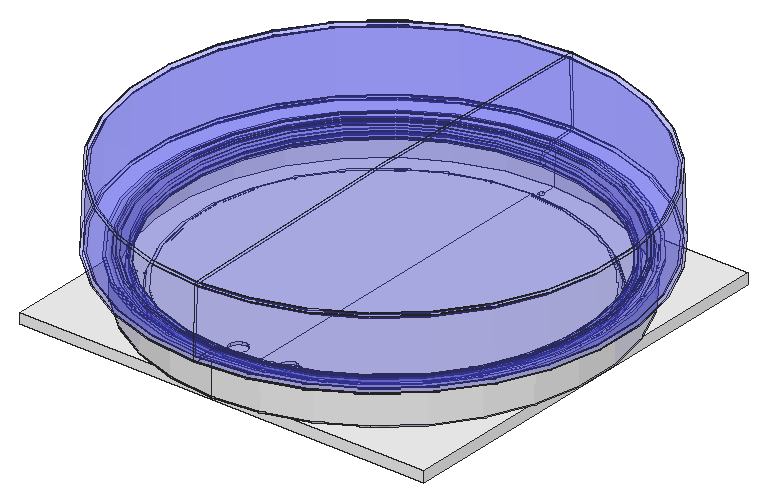
Revit family "BE_50081_de_DE", category Leuchten, Revit 2020
Family settings
  Basisbauteil = Fläche
  Bemaßung runder Anschluss = Durchmesser verwenden
  Teiletyp = Normal
  Beim Laden mit Abzugskörper schneiden = Ja
  Lichtquelle = Ja
  Gemeinsam genutzt = Nein
  Raumberechnungspunkt = Ja
Parameters (values of type "BEGA_50081_K4")
  built-in parameter 1150104 = 11.408 (stored number, unit not read)
  Wattage = 60 W
  Default Elevation = 0 mm
  built-in parameter 1150113 = 1 (stored number, unit not read)
  built-in parameter 1114218 = 1 (stored number, unit not read)
  Umgebungstemperatur = "25 °C"
  URL = "https://www.bega.com/de/produkt/50081"
  Typenkommentare = "© 2022 BEGA. Wir behalten uns das Recht vor, technische Änderungen ohne vorherige Ankündigung vorzunehmen."  # constant formula
  built-in parameter 1150134 = 12
  built-in parameter 1150109 = 1 (stored number, unit not read)
  Strom = ""
  built-in parameter 1150110 = 1 (stored number, unit not read)
  Spannung = 239.996 V
  Sonderanfertigung = no
  Seriennummer [instance] = "Hier können Sie die eindeutige Seriennummer für das Facility Management eintragen."
  Schutzklasse = "I"
  Schutzart = "IP 44"
  Scheinlast = 0 VA
  Produktdatenblatt = "https://cdn.bega.com/bega/products/50081K3/current/documents/data-sheets/de"
  Oberflächentemperatur = ""
  Neigungswinkel = 0.00°
  Modell = "50081K4"
  Material_17 = BEGA_Reflektor
  Material_15 = BEGA_Leuchtmedium_matt
  Material_11 = BEGA_Glas_opal
  Material_09 = BEGA_Glas_klar
  Material_06 = BEGA_Oberfläche_Edelstahl_gebürstet
  Material_03 = BEGA_Oberfläche_Weiss_matt
  Material_02 = BEGA_Oberfläche_Silber_matt
  Material_01 [instance] = BEGA_Oberfläche_Grafit_matt
  M_W = no
  M_G = no
  M_A = no
  Logo = 0
  built-in parameter 1114217 = 1 (stored number, unit not read)
  built-in parameter 1150139 = (empty or 0)
  built-in parameter 1150105 = 1921.7 (stored number, unit not read)
  built-in parameter 1150114 = 1 (stored number, unit not read)
  Lumens = 7368 lm
  built-in parameter 1150115 = 1 (stored number, unit not read)
  Leuchtenlichtstrom = "4941 lm"
  Leuchtenanzahl = ""
  Lebensdauerkriterien = "L70B50 @ 25 °C = 55000 h"
  Lastklassifizierung = Beleuchtung
  built-in parameter 1150112 = 1 (stored number, unit not read)
  Lampenlichtstrom = "7365 lm"
  Lampe = "LED 60 W"
  LED_Modulbezeichnung = "LED-0630/940"
  Hersteller = "BEGA"  # constant formula
  Halbstreuwinkel = ""
  Gewicht = "5.8 kg"
  Gebrauchslageneinschränkung [instance] = ""
  Frequenz = "0/50-60 Hz"
  Farbwiedergabeindex = "CRI > 90"
  Farbtemperaturverschiebung bei Dämpfen der Lampe = <Keine Auswahl>
  Farbtemperatur = "4000 K"
  Color Filter = 16777215
  built-in parameter 1150133 = 10 (stored number, unit not read)
  Energieeffizienzklasse = "LED A++ - A"
  built-in parameter 1150137 = (empty or 0)
  built-in parameter 1150132 = (empty or 0)
  ENEC = "ja"
  Dimmbar [instance] = "DALI"
  Datei für fotometrisches Netz = "BE_50081K4.IES"
  CE_Konformität = "ja"
  Bestellnummer = "50081K4"
  Beschreibung_Sonderanfertigung = "Hier können Sie Informationen zur Sonderanfertigung eintragen."
  Beschreibung = "Decken- und Wandleuchte"
  built-in parameter 1150106 = 19.217 (stored number, unit not read)
  Befestigungsbohrung = "Ø 5,5 mm"
  Befestigungsabstand = "280 mm"
  Ballwurfsicher = ""
  BEGA_Intern_aus = yes
  BEGA_Intern_an = yes
  BEGA_Intern_Konstruktion = yes
  BEGA_Intern = yes
  BEGA_IES = yes
  BEGA_Dummy = no
  Anschlussleitung = ""
  Anschlussleistung [instance] = "64.5 W"
  Anschlusskasten = ""
  built-in parameter 1150107 = 4000 (stored number, unit not read)
  built-in parameter 1150102 = (empty or 0)
  built-in parameter 1150138 = (empty or 0)
  Aktualisierung = "2022-05-18T04:00:07"
  Abstand_zur_angestrahlten_Fläche [instance] = ""
  AC/DC = "AC/DC"
Types (2, lengths in mm): name | built-in parameter 1150104 | built-in parameter 1150134 | Modell | built-in parameter 1150105 | Lumens | Leuchtenlichtstrom | Lampenlichtstrom | LED_Modulbezeichnung | Farbtemperatur | Datei für fotometrisches Netz | Bestellnummer | built-in parameter 1150106 | built-in parameter 1150107
  BEGA_50081_K3 | 11 (stored number, unit not read) | (empty or 0) | "50081K3" | 1852.8 (stored number, unit not read) | 7104 lm | "4767 lm" | "7105 lm" | "LED-0630/930" | "3000 K" | "BE_50081K3.IES" | "50081K3" | 18.528 (stored number, unit not read) | 3000 (stored number, unit not read)
  BEGA_50081_K4 | 11.408 (stored number, unit not read) | 12 | "50081K4" | 1921.7 (stored number, unit not read) | 7368 lm | "4941 lm" | "7365 lm" | "LED-0630/940" | "4000 K" | "BE_50081K4.IES" | "50081K4" | 19.217 (stored number, unit not read) | 4000 (stored number, unit not read)
Reference planes
  plane 1 "Mitte (Vorne/Hinten)": y = 0
  plane 2: z = 0
  plane 3 "Mitte (Links/Rechts)": x = 0
  plane 4 "Links": x = -234.949
  plane 5 "Rechts": x = 234.949
  plane 6 "Unten": y = -234.948
  plane 7 "Oben": y = 234.948
  plane 8 "Vorne": z = 115.489
  plane 9 "Hinten": z = 0
Forms (mm)
  Extrusion 1, solid, material "BEGA_Platte_Weiss"
    sketch origin (0, -1119.2, 0) x (1, 0, 0) y (0, 1, 0)
      loop
        line (-200, 1319.2) -> (-200, 919.2) -> (200, 919.2) -> (200, 1319.2) -> (-200, 1319.2)
    from 0 to -10
  Extrusion 2, solid, material "BEGA_Dummy_matt", visible <- "BEGA_Dummy"
    sketch origin (77.149, -76.023, 0) x (1, 0, 0) y (0, 1, 0)
      loop
        circle (-77.149, 76.023) r 235
    from 0 to 115.489
Dimensions and locks
  plane 1 "Mitte (Vorne/Hinten)" to Extrusion 1 = 200 mm
  aligned and locked: plane 2 to Extrusion 1
  aligned and locked: level to Extrusion 1
Nested families
  nested 1: "BE_50081" at (0, 0, 0), type "BE_50081"
Connectors
  electrical at (0, 0, 0), driven by "Lastklassifizierung", driven by "Spannung", driven by "Scheinlast"
    settings: index 1, voltage 239.996 V, apparent load 0 VA, apparent load phase1 0 VA, apparent load phase2 0 VA, apparent load phase3 0 VA, power factor 1, load classification "Beleuchtung", number of poles 1, system type 31, power factor state 1, is connector primary yes, connector utility no, sub classification motor no, connector description ""
Definition of nested family "BE_50081"
  Parameters (values of type "BE_50081")
    Default Elevation = 1 mm
    URL = "http://www.bega.de/de/produkt"
    Type Comments = "© 2015 BEGA. Wir behalten uns das Recht vor, technische Änderungen ohne vorherige Ankündigung vorzunehmen. "  # constant formula
    Type Image = (empty or 0)
    Neigungswinkel_um_Z2 = 0.00°
    Neigungswinkel_um_Z1 = 0.00°
    Neigungswinkel_um_Y2 = 0.00°
    Neigungswinkel_um_Y1 = 0.00°
    Neigungswinkel_um_X2 = 0.00°
    Neigungswinkel_um_X1 = 0.00°
    Material_17 = none
    Material_15 = none
    Material_11 = none
    Material_09 = none
    Material_06 = none
    Material_05 = none
    Material_03 = none
    Material_02 = none
    Material_01 = none
    M_W = yes
    M_G = yes
    M_A = yes
    Länge_Platte = 500 mm  # constant formula
    Höhe_Platte = -10 mm  # constant formula
    Manufacturer = "BEGA"  # constant formula
    Drehwinkel_um_Z2 = 0.00°
    Drehwinkel_um_Z1 = 0.00°
    Breite_Platte = 500 mm  # constant formula
  Reference planes
    plane 1 "Mitte (Oben/Unten)": y = 0
    plane 2: z = 0
    plane 3 "Mitte (Links/Rechts)": x = 0
    plane 4: y = -234.948
    plane 5: y = 234.948
    plane 6: z = 115.489
    plane 7: x = -234.949
    plane 8: x = 234.949
  Forms (mm)
    Extrusion 1, solid, detail levels medium
      sketch origin (0, 0, 0) x (1, 0, 0) y (0, 1, 0)
        loop
          line (-250, 250) -> (-250, -250) -> (250, -250) -> (250, 250) -> (-250, 250)
      from 0 to -10 <- "Höhe_Platte"
    Revolve 2, solid, material <- "Material_03", detail levels medium+fine
      sketch origin (0, 0, 0) x (0, 1, 0) y (0, 0, 1)
        loop
          line (217.5, 38) -> (217.5, 40) -> (215.026, 40)
          arc (215.026, 40) -> (212.226, 38.853) -> (211.03, 36.073) r 4
          line (211.03, 36.073) -> (210.435, 2) -> (187.445, 2)
          arc (187.445, 2) -> (186.312, 2.352) -> (185.578, 3.284) r 2
          line (185.578, 3.284) -> (184.914, 5.269)
          arc (184.914, 5.269) -> (183.454, 7.246) -> (181.117, 8) r 4
          line (181.117, 8) -> (0, 8) -> (0, 6) -> (181.841, 6)
          arc (181.841, 6) -> (182.426, 5.812) -> (182.79, 5.317) r 1
          line (182.79, 5.317) -> (184.112, 1.362)
          arc (184.112, 1.362) -> (184.837, 0.378) -> (186, 0) r 2
          line (186, 0) -> (211.221, 0)
          arc (211.221, 0) -> (212.062, 0.344) -> (212.421, 1.179) r 1.2
          line (212.421, 1.179) -> (213.029, 36.035)
          arc (213.029, 36.035) -> (213.627, 37.427) -> (215.029, 38) r 2
          line (215.029, 38) -> (217.5, 38)
        axis (0, 0) -> (0, 40)
      angle from 0 to 360
    Extrusion 3, void
      sketch origin (0, 0, 0) x (1, 0, 0) y (0, 1, 0)
        loop
          circle (-25, -148) r 8.5
        loop
          circle (25.021, -148) r 8.5
        loop
          circle (0, 195) r 2.75
        loop
          circle (-168.875, -97.5) r 2.75
        loop
          circle (168.875, -97.5) r 2.75
      from 0 to 12.092
    Revolve 4, solid, material <- "Material_11", detail levels medium+fine
      sketch origin (0, 0, 0) x (0, 1, 0) y (0, 0, 1)
        loop
          line (0, 115.489) -> (0, 112.489)
          arc (0, 112.489) -> (114.184, 111.529) -> (228.336, 108.651) r 6793.792
          arc (228.336, 108.651) -> (229.693, 108.056) -> (230.269, 106.691) r 2
          line (230.269, 106.691) -> (231.871, 45.499)
          arc (231.871, 45.499) -> (231.323, 44.071) -> (229.926, 43.448) r 2
          line (229.926, 43.448) -> (209.948, 42.75) -> (207.5, 42.75)
          arc (207.5, 42.75) -> (205.379, 41.871) -> (204.5, 39.75) r 3
          line (204.5, 39.75) -> (204.5, 37.932) -> (197.688, 37.932)
          arc (197.688, 37.932) -> (195.398, 36.538) -> (194.5, 34.012) r 4.004
          line (194.5, 34.012) -> (194.5, 28.983)
          arc (194.5, 28.983) -> (195.275, 27.402) -> (197, 27.046) r 2
          line (197, 27.046) -> (197, 24.75) -> (200, 24.75) -> (200, 28.313) -> (197.5, 30.517) -> (197.5, 35.026) -> (207.5, 34.888) -> (207.5, 39.663) -> (233.016, 40.554)
          arc (233.016, 40.554) -> (234.405, 41.181) -> (234.948, 42.605) r 2
          line (234.948, 42.605) -> (233.194, 109.604)
          arc (233.194, 109.604) -> (232.615, 110.962) -> (231.262, 111.553) r 2
          arc (231.262, 111.553) -> (115.648, 114.505) -> (0, 115.489) r 6796.791
        axis (0, 115.489) -> (0, 24.75)
      angle from 0 to 360
  Cuts and joins
    Extrusion 3 cuts Revolve 2
  Dimensions and locks
    equal spacing: Extrusion 1 sketch curve, plane 3 "Mitte (Links/Rechts)", Extrusion 1 sketch curve
    equal spacing: Extrusion 1 sketch curve, plane 1 "Mitte (Oben/Unten)", Extrusion 1 sketch curve
    "Länge_Platte": Extrusion 1 sketch curve to Extrusion 1 sketch curve
    "Breite_Platte": Extrusion 1 sketch curve to Extrusion 1 sketch curve
    aligned and locked: Extrusion 1 to plane 2
    aligned and locked: level to Extrusion 1
  Automatic sketch dimensions
    Revolve 2 sketch curve to Revolve 2 sketch curve = 0 mm  (x10)
    Revolve 2 sketch curve to plane 1 "Mitte (Oben/Unten)" = 0 mm  (x2)
    level to Revolve 2 sketch curve = 4 mm
    Revolve 2 sketch curve to Revolve 2 sketch curve = 0.725 mm
    level to Revolve 2 sketch curve = 1.362 mm
    Revolve 2 sketch curve to Revolve 2 sketch curve = 2.995 mm
    level to Revolve 2 sketch curve = 3.284 mm
    Revolve 2 sketch curve to Revolve 2 sketch curve = 1.466 mm
    level to Revolve 2 sketch curve = 0 mm
    Revolve 2 sketch curve to Revolve 2 sketch curve = 1.888 mm
    Revolve 2 sketch curve to Revolve 2 sketch curve = 0.43 mm
    Revolve 2 sketch curve to Revolve 2 sketch curve = 1.438 mm
    level to Revolve 2 sketch curve = 1.2 mm
    Revolve 2 sketch curve to Revolve 2 sketch curve = 3.997 mm
    Revolve 2 sketch curve to Revolve 2 sketch curve = 0.003 mm
    Revolve 2 sketch curve to Revolve 2 sketch curve = 2.474 mm
    Revolve 2 sketch curve to Revolve 2 sketch curve = 1 mm  (x2)
    Revolve 2 sketch curve to Revolve 2 sketch curve = 2 mm  (x3)
    Revolve 2 sketch curve to Revolve 2 sketch curve = 34 mm
    Revolve 2 sketch curve to Revolve 2 sketch curve = 0.073 mm
    level to Revolve 2 sketch curve = 5.317 mm
    Revolve 2 sketch curve to Revolve 2 sketch curve = 0.947 mm
    Revolve 2 sketch curve to Revolve 2 sketch curve = 0.001 mm
    Revolve 2 sketch curve to Revolve 2 sketch curve = 0.668 mm
    level to Revolve 2 sketch curve = 5.269 mm
    Revolve 2 sketch curve to Revolve 2 sketch curve = 0.004 mm
    Revolve 2 sketch curve to Revolve 2 sketch curve = 0.786 mm
    level to Revolve 2 sketch curve = 1.179 mm  (x2)
    Revolve 2 sketch curve to Revolve 2 sketch curve = 6.693 mm
    Revolve 2 sketch curve to Revolve 2 sketch curve = 0.035 mm
    Extrusion 3 sketch curve to plane 3 "Mitte (Links/Rechts)" = 0 mm
    Extrusion 3 sketch curve to plane 3 "Mitte (Links/Rechts)" = 25 mm
    plane 3 "Mitte (Links/Rechts)" to Extrusion 3 sketch curve = 25.021 mm
    plane 1 "Mitte (Oben/Unten)" to Extrusion 3 sketch curve = 97.5 mm  (x2)
    Revolve 2 sketch curve to plane 1 "Mitte (Oben/Unten)" = 181.117 mm
    Revolve 2 sketch curve to Revolve 2 sketch curve = 22.99 mm
    Revolve 2 sketch curve to Revolve 2 sketch curve = 0.595 mm
    Extrusion 3 sketch curve to plane 1 "Mitte (Oben/Unten)" = 195 mm
    plane 1 "Mitte (Oben/Unten)" to Extrusion 3 sketch curve = 148 mm
    Extrusion 3 sketch curve to Extrusion 3 sketch curve = 0 mm
    Revolve 4 sketch curve to Revolve 4 sketch curve = 0 mm  (x16)
    Revolve 4 sketch curve to plane 1 "Mitte (Oben/Unten)" = 0 mm  (x2)
    plane 1 "Mitte (Oben/Unten)" to Revolve 4 sketch curve = 0.004 mm
    level to Revolve 4 sketch curve = 28.983 mm
    Revolve 4 sketch curve to plane 1 "Mitte (Oben/Unten)" = 196.5 mm
    Revolve 4 sketch curve to Revolve 4 sketch curve = 0.5 mm
    Revolve 4 sketch curve to Revolve 4 sketch curve = 1 mm
    Revolve 4 sketch curve to Revolve 4 sketch curve = 0.188 mm
    Revolve 4 sketch curve to Revolve 4 sketch curve = 1.004 mm
    Revolve 4 sketch curve to Revolve 4 sketch curve = 3 mm  (x3)
    Revolve 4 sketch curve to Revolve 4 sketch curve = 6.812 mm
    level to Revolve 4 sketch curve = 42.75 mm
    Revolve 4 sketch curve to Revolve 4 sketch curve = 2.448 mm  (x2)
    Revolve 4 sketch curve to Revolve 4 sketch curve = 18.322 mm
    Revolve 4 sketch curve to Revolve 4 sketch curve = 19.924 mm
    level to Revolve 4 sketch curve = 43.448 mm
    Revolve 4 sketch curve to Revolve 4 sketch curve = 0.054 mm
    level to Revolve 4 sketch curve = 106.691 mm
    Revolve 4 sketch curve to Revolve 4 sketch curve = 2 mm
    Revolve 4 sketch curve to Revolve 4 sketch curve = 0.925 mm
    Revolve 4 sketch curve to Revolve 4 sketch curve = 3.023 mm
    level to Revolve 4 sketch curve = 40.554 mm
    Revolve 4 sketch curve to Revolve 4 sketch curve = 0.067 mm  (x2)
    level to Revolve 4 sketch curve = 109.604 mm
    Revolve 4 sketch curve to Revolve 4 sketch curve = 1.999 mm  (x5)
    Revolve 4 sketch curve to Revolve 4 sketch curve = 0.67 mm
    Revolve 4 sketch curve to Revolve 4 sketch curve = 1.936 mm
    Revolve 4 sketch curve to Revolve 4 sketch curve = 2.296 mm
    Revolve 4 sketch curve to level = 6681.302 mm
    Revolve 4 sketch curve to Revolve 4 sketch curve = 1.535 mm
    Revolve 4 sketch curve to Revolve 4 sketch curve = 3.495 mm
    Revolve 4 sketch curve to Revolve 4 sketch curve = 7.862 mm
    Revolve 4 sketch curve to Revolve 4 sketch curve = 1.014 mm
    Revolve 4 sketch curve to Revolve 4 sketch curve = 3.044 mm
    Revolve 4 sketch curve to Revolve 4 sketch curve = 3.087 mm
    Revolve 4 sketch curve to Revolve 4 sketch curve = 0.087 mm
    Revolve 4 sketch curve to Revolve 4 sketch curve = 0.039 mm
    Revolve 4 sketch curve to Revolve 4 sketch curve = 0.05 mm
    level to Revolve 4 sketch curve = 112.489 mm
    Revolve 4 sketch curve to Revolve 4 sketch curve = 0.068 mm
    level to Revolve 4 sketch curve = 45.499 mm
    level to Revolve 4 sketch curve = 42.605 mm
    Revolve 4 sketch curve to Revolve 4 sketch curve = 1.818 mm
    Revolve 4 sketch curve to Revolve 4 sketch curve = 17 mm
    plane 7 to Extrusion 3 sketch curve = 66.074 mm
    plane 8 to Extrusion 3 sketch curve = 66.074 mm
    radius of Extrusion 3 sketch curve = 8.5 mm  (x2)
    radius of Extrusion 3 sketch curve = 2.75 mm  (x3)
